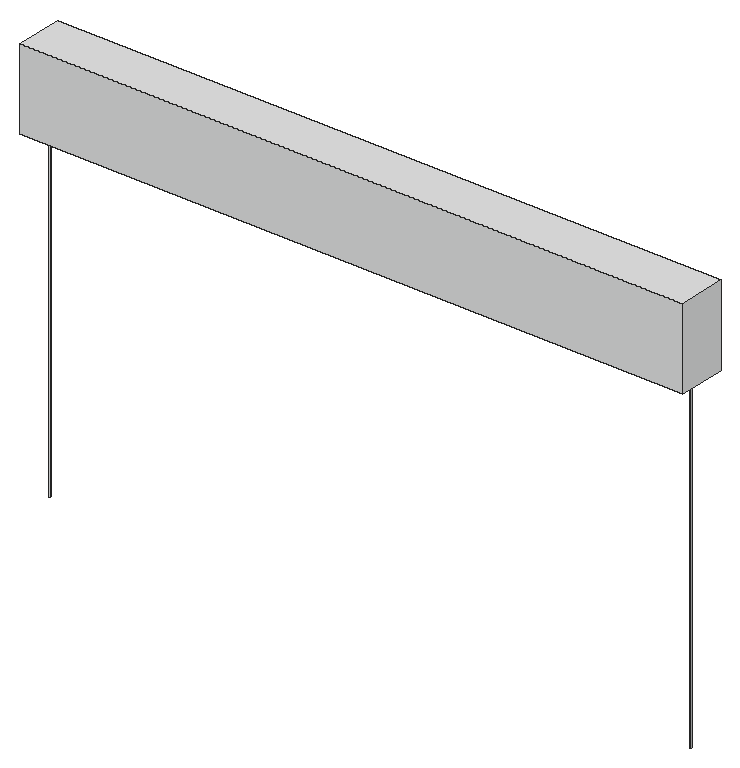
Revit family "Lighting-Suspended-Amerlux-Linea 3.5 ", category Lighting Fixtures, host Face, Revit 2019
Family settings
  Host = Face
  Round Connector Dimension = Use Diameter
  Part Type = Normal
  Cut with Voids When Loaded = No
  Light Source = Yes
  Shared = No
  Room Calculation Point = No
Parameters (values of type "Linea 3.5"")
  Width = 0' - 3 7/16"
  Wattage = 9.2903 W
  built-in parameter 1150110 = 1 (stored number, unit not read)
  Voltage = 0 V
  URL = "http://www.amerlux.com/"
  built-in parameter 1114217 = 1 (stored number, unit not read)
  Tilt Angle = -90.00°
  built-in parameter 1150109 = 1 (stored number, unit not read)
  built-in parameter 1150134 = 3
  Suspension Length [instance] = 2' - 0"
  built-in parameter 1150113 = 1 (stored number, unit not read)
  Right Cable [instance] = yes
  Power Factor = 1
  Photometric Web File = "Load File"
  Number of Poles = 1
  built-in parameter 1150142 = (empty or 0)
  Model = "Lin3.5"
  Manufacturer = "Amerlux"
  built-in parameter 1150105 = 109.82 (stored number, unit not read)
  Lumens = 1380 lm
  built-in parameter 1150115 = 1 (stored number, unit not read)
  built-in parameter 1150137 = (empty or 0)
  built-in parameter 1150139 = (empty or 0)
  Length = 4' - 0"
  Left Cable [instance] = yes
  built-in parameter 1150112 = 1 (stored number, unit not read)
  built-in parameter 1150114 = 1 (stored number, unit not read)
  built-in parameter 1150132 = (empty or 0)
  built-in parameter 1150102 = (empty or 0)
  built-in parameter 1150107 = 3200 (stored number, unit not read)
  built-in parameter 1150138 = (empty or 0)
  built-in parameter 1150106 = 1.0982 (stored number, unit not read)
  Height = 0' - 5 7/8"
  Fixture Finish = Aluminum Finish
  Emit from Line Length = Length  # 4' - 0"
  built-in parameter 1150104 = 13.8 (stored number, unit not read)
  Dimming Lamp Color Temperature Shift = <None>
  Description = "Linear Direct/Indirect LED"
  Default Elevation = 4' - 0"
  Color Filter = 16777215
  built-in parameter 1114218 = 1 (stored number, unit not read)
  built-in parameter 1150133 = 10 (stored number, unit not read)
  Apparent Load = 0 VA
Reference planes (in)
  plane 1 "Center (Front/Back)": y = 0
  plane 2: z = 0
  plane 3 "Center (Left/Right)": x = 0
  plane 4: y = -1.71875
  plane 5: y = 1.71875
  plane 6: z = 24
  plane 7: x = -24
  plane 8: x = 24
Forms (in)
  Extrusion 1, solid, material "Aluminum Finish", visible <- "Right Cable"
    sketch origin (5.6875, 0, 0) x (1, 0, 0) y (0, 1, 0)
      loop
        circle (17.5, 0) r 0.06219
    from 0 to 24
  Extrusion 2, solid, material "Aluminum Finish" <- "Fixture Finish"
    sketch origin (0, 0, 0) x (0, 1, 0) y (0, 0, 1)
      loop
        line (1.71875, 29.875) -> (-1.71875, 29.875) -> (-1.71875, 24) -> (1.71875, 24) -> (1.71875, 29.875)
    from -24 to 24
  Extrusion 3, solid, material "Aluminum Finish", visible <- "Left Cable"
    sketch origin (-5.6875, 0, 0) x (-1, 0, 0) y (0, -1, 0)
      loop
        circle (17.5, 0) r 0.06219
    from 0 to 24
Dimensions and locks (in)
  "Suspension Length": plane 6 to host face
  equal spacing: plane 5, plane 1 "Center (Front/Back)", plane 4
  "Width": plane 5 to plane 4
  equal spacing: plane 7, plane 3 "Center (Left/Right)", plane 8
  "Length": plane 7 to plane 8
  locked: Extrusion 1 to plane 8 at 0.75031
  locked: plane 7 to Extrusion 3 at 0.75031
  "Height": Extrusion 2 sketch curve to Extrusion 2 sketch curve
  aligned and locked: plane 2 to host face
  aligned and locked: level to host face
  aligned and locked: Extrusion 1 to level
  aligned and locked: Extrusion 2 to plane 7
  aligned and locked: plane 8 to Extrusion 2
  aligned and locked: plane 6 to Extrusion 3
  aligned and locked: plane 6 to Extrusion 1
  aligned and locked: plane 5 to Extrusion 2 sketch curve
  aligned and locked: Extrusion 2 sketch curve to plane 6
  aligned and locked: Extrusion 2 sketch curve to plane 4
  aligned and locked: imposter light to Extrusion 2
Automatic sketch dimensions
  host sketch curve to host sketch curve = 8' - 0"  (x2)
  plane 1 "Center (Front/Back)" to Extrusion 1 sketch curve = 0' - 0"
  Extrusion 1 sketch curve to plane 8 = 0' - 0 13/16"
  plane 1 "Center (Front/Back)" to Extrusion 3 sketch curve = 0' - 0"
  Extrusion 3 sketch curve to plane 7 = 0' - 0 13/16"
  radius of Extrusion 1 sketch curve = 0' - 0.06219"
  radius of Extrusion 3 sketch curve = 0' - 0.06219"
Connectors (in)
  electrical at (24, 0, 26.9375), driven by "Number of Poles", driven by "Voltage", driven by "Apparent Load", driven by "Power Factor"
    settings: on Extrusion 2, index 1, voltage 0 V, apparent load 0 VA, apparent load phase1 0 VA, apparent load phase2 0 VA, apparent load phase3 0 VA, power factor 1, load classification "Other", number of poles 1, system type 31, power factor state 1, is connector primary yes, connector utility no, sub classification motor no, connector description "Power"
